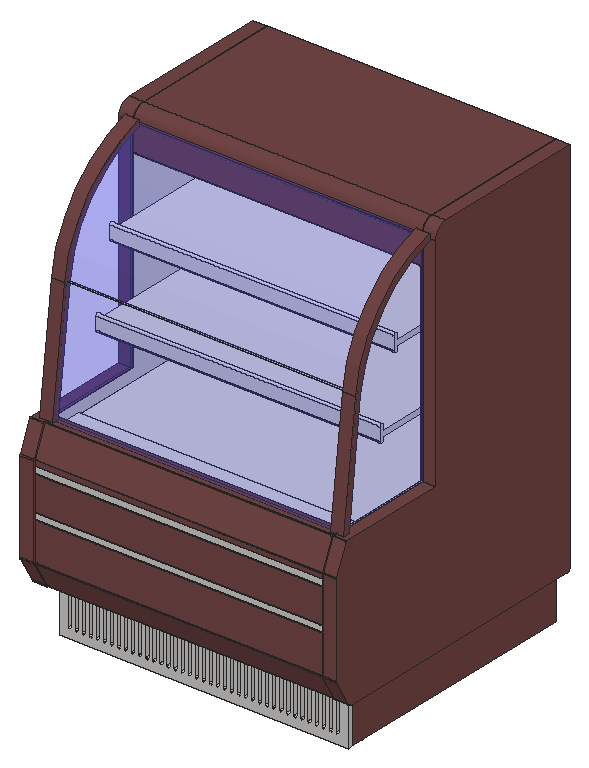
Revit family "QF_Turbo Air_TCGB-36-DR", category Specialty Equipment, Revit 2014
Parameters
  Weight in Pounds = 336
  Watermarked By = ""
  Volts = 115 V
  Vent Material = QF_Stainless-Polished
  URL Cutsheet = ""
  URL = "www.turboairinc.com"
  Status [instance] = ""
  Specification by User [instance] = ""
  Specification by Manufacturer [instance] = ""
  Serial Number [instance] = ""
  Revision Code [instance] = ""
  Phase = 1
  Number of Poles [instance] = 1
  NAFEM Spec ID Number [instance] = ""
  Model = "TCGB-36-DR"
  Masterspec [instance] = ""
  Manufacturer = "Turbo Air"  # constant formula
  Item Number [instance] = "-"
  Installed By [instance] = ""
  Furnished By [instance] = ""
  Foodservice Equipment Identifier = yes
  FL Amps = 0.4 A
  Exterior Material = QF_Plastic-Red Wine
  Electrical Remarks [instance] = ""
  Electric Connection Type [instance] = ""
  Elec Conn RI Height [instance] = 0' - 0"
  Elec Conn Connection Height = 0' - 6"
  Description = "Bakery Case"
  Cycle = 60 Hz
  Conn Plug = "NEMA 5-15P"
  CSI MasterFormat = "11 41 13"
  Assembly Code = "E1090320"
  Apparent Power = if(Phase = 3, Volts * FL Amps * 1.73, Volts * FL Amps)  # 46 VA
Reference planes (in)
  plane 1 "Handle Back": y = 0
  plane 2: z = 0
  plane 3 "LEFT": x = -16.56573
  plane 4 "RIGHT": x = 19.93427
  plane 5 "FRONT": y = -34.25
  plane 6 "Bottom": z = 0.3125
  plane 7 "Inside Left": x = -14.94073
  plane 8 "Inside Right": x = 18.30927
  plane 9 "BACK": y = -0.75
  plane 10 "Panel Lower": z = 23.25
  plane 11 "Inside Bottom": z = 21.125
  plane 12 "Panel Bottom": z = 6.0625
  plane 13 "TOP": z = 50.125
  plane 14 "Bottom Front": y = -30
  plane 15 "Door Left": x = -13.62823
  plane 16 "Door Right": x = 16.99677
  plane 17 "Lower Shelf": z = 30.6875
  plane 18 "Upper Shelf": z = 39.1875
  plane 19 "Door Top": z = 46.5625
  plane 20 "Door Bottom": z = 22.3125
  plane 21 "CENTER LR": x = 1.68427
Forms (in)
  Extrusion 1, solid, material "QF_Plastic-Red Wine" <- "Exterior Material"
    sketch origin (-16.56573, 0, 0) x (0, 1, 0) y (0, 0, 1)
      loop
        arc (-1.125, 6.0625) -> (-0.85983, 6.17233) -> (-0.75, 6.4375) r 0.375
        line (-0.75, 6.4375) -> (-0.75, 50.125) -> (-18.5, 50.125)
        arc (-18.5, 50.125) -> (-19.56066, 49.68566) -> (-20, 48.625) r 1.5
        line (-20, 48.625) -> (-20, 23.25) -> (-32.77179, 23.25)
        arc (-32.77179, 23.25) -> (-32.8059, 23.23987) -> (-32.82896, 23.21277) r 0.0625
        line (-32.82896, 23.21277) -> (-34.21799, 20.07001)
        arc (-34.21799, 20.07001) -> (-34.24191, 19.99589) -> (-34.25, 19.91842) r 0.375
        line (-34.25, 19.91842) -> (-34.25, 9.41058)
        arc (-34.25, 9.41058) -> (-34.23722, 9.31352) -> (-34.19976, 9.22308) r 0.375
        line (-34.19976, 9.22308) -> (-32.48325, 6.25)
        arc (-32.48325, 6.25) -> (-32.34599, 6.11274) -> (-32.15849, 6.0625) r 0.375
        line (-32.15849, 6.0625) -> (-1.125, 6.0625)
    from 0 to 1.625
  Extrusion 2, solid, material "QF_Plastic-Red Wine" <- "Exterior Material"
    sketch origin (19.93427, 0, 0) x (0, 1, 0) y (0, 0, 1)
      loop
        arc (-1.125, 6.0625) -> (-0.85983, 6.17233) -> (-0.75, 6.4375) r 0.375
        line (-0.75, 6.4375) -> (-0.75, 50.125) -> (-18.5, 50.125)
        arc (-18.5, 50.125) -> (-19.56066, 49.68566) -> (-20, 48.625) r 1.5
        line (-20, 48.625) -> (-20, 23.25) -> (-32.77179, 23.25)
        arc (-32.77179, 23.25) -> (-32.8059, 23.23987) -> (-32.82896, 23.21277) r 0.0625
        line (-32.82896, 23.21277) -> (-34.21799, 20.07001)
        arc (-34.21799, 20.07001) -> (-34.24191, 19.99589) -> (-34.25, 19.91842) r 0.375
        line (-34.25, 19.91842) -> (-34.25, 9.41058)
        arc (-34.25, 9.41058) -> (-34.23722, 9.31352) -> (-34.19976, 9.22308) r 0.375
        line (-34.19976, 9.22308) -> (-32.48325, 6.25)
        arc (-32.48325, 6.25) -> (-32.34599, 6.11274) -> (-32.15849, 6.0625) r 0.375
        line (-32.15849, 6.0625) -> (-1.125, 6.0625)
    from 0 to -1.625
  Extrusion 3, solid, material "QF_Plastic-Red Wine" <- "Exterior Material"
    sketch origin (-14.94073, 0, 0) x (0, 1, 0) y (0, 0, 1)
      loop
        line (-31.625, 23.25) -> (-29.95691, 36.83548)
        arc (-29.95691, 36.83548) -> (-26.72363, 44.11107) -> (-20, 48.375) r 13.75
        line (-20, 48.375) -> (-20, 48.625)
        arc (-20, 48.625) -> (-19.97988, 48.86988) -> (-19.92004, 49.10819) r 1.5
        arc (-19.92004, 49.10819) -> (-27.15455, 44.66306) -> (-30.63919, 36.92003) r 14.4375
        line (-30.63919, 36.92003) -> (-32.31766, 23.25) -> (-31.625, 23.25)
    from -0.875 to 0.625
  Extrusion 4, solid, material "QF_Plastic-Red Wine" <- "Exterior Material"
    sketch origin (18.30927, 0, 0) x (0, 1, 0) y (0, 0, 1)
      loop
        line (-31.625, 23.25) -> (-29.95691, 36.83548)
        arc (-29.95691, 36.83548) -> (-26.72363, 44.11107) -> (-20, 48.375) r 13.75
        line (-20, 48.375) -> (-20, 48.625)
        arc (-20, 48.625) -> (-19.97988, 48.86988) -> (-19.92004, 49.10819) r 1.5
        arc (-19.92004, 49.10819) -> (-27.15455, 44.66306) -> (-30.63919, 36.92003) r 14.4375
        line (-30.63919, 36.92003) -> (-32.31766, 23.25) -> (-31.625, 23.25)
    from 0.875 to -0.625
  Extrusion 5, solid, material "QF_Glass-Cast-Clear"
    sketch origin (-14.94073, 0, 0) x (0, 1, 0) y (0, 0, 1)
      loop
        arc (-20, 48.375) -> (-26.72363, 44.11107) -> (-29.95691, 36.83548) r 13.75
        line (-29.95691, 36.83548) -> (-31.625, 23.25) -> (-20, 23.25) -> (-20, 48.375)
    from 0 to -0.25
  Extrusion 6, solid, material "QF_Glass-Cast-Clear"
    sketch origin (18.30927, 0, 0) x (0, 1, 0) y (0, 0, 1)
      loop
        arc (-20, 48.375) -> (-26.72363, 44.11107) -> (-29.95691, 36.83548) r 13.75
        line (-29.95691, 36.83548) -> (-31.625, 23.25) -> (-20, 23.25) -> (-20, 48.375)
    from 0 to 0.25
  Extrusion 7, solid, material "QF_Plastic-Red Wine" <- "Exterior Material"
    sketch origin (-14.94073, 0, 0) x (0, 1, 0) y (0, 0, 1)
      loop
        line (-0.75, 50.125) -> (-18.5, 50.125)
        arc (-18.5, 50.125) -> (-19.56066, 49.68566) -> (-20, 48.625) r 1.5
        line (-20, 48.625) -> (-20, 45.5)
        arc (-20, 45.5) -> (-19.9375, 45.4375) -> (-19.875, 45.5) r 0.0625
        line (-19.875, 45.5) -> (-19.875, 48.625)
        arc (-19.875, 48.625) -> (-19.81819, 49.01616) -> (-19.65244, 49.375) r 1.375
        line (-19.65244, 49.375) -> (-3.125, 49.375) -> (-3.125, 46.5625) -> (-0.75, 46.5625) -> (-0.75, 50.125)
      loop
        line (-0.75, 14.3125) -> (-0.75, 22.3125) -> (-3.125, 22.3125) -> (-3.125, 14.3125) -> (-0.75, 14.3125)
    from 0 to 33.25
  Extrusion 8, solid, material "QF_Plastic-Red Wine" <- "Exterior Material"
    sketch origin (0, 0, 0.3125) x (0, 1, 0) y (-1, 0, 0)
      loop
        line (-0.75, 14.94073) -> (-30, 14.94073) -> (-30, -18.30927) -> (-0.75, -18.30927) -> (-0.75, 14.94073)
      loop
        line (-29.75, 14.69073) -> (-29.75, -18.05927) -> (-1, -18.05927) -> (-1, 14.69073) -> (-29.75, 14.69073)
    from 0 to 14
  Extrusion 9, solid, material "QF_Plastic-Red Wine" <- "Exterior Material"
    sketch origin (0, 0, 0.3125) x (0, 1, 0) y (-1, 0, 0)
      loop
        line (-29.75, -18.05927) -> (-1, -18.05927) -> (-1, 14.69073) -> (-29.75, 14.69073) -> (-29.75, -18.05927)
    from 0 to 0.25
  Extrusion 10, solid, material "QF_Stainless-Polished" <- "Vent Material"
    sketch origin (0, -30, 0) x (1, 0, 0) y (0, 0, 1)
      loop
        line (-14.94073, 6.1875) -> (-14.94073, 0.3125) -> (18.30927, 0.3125) -> (18.30927, 6.1875) -> (-14.94073, 6.1875)
    from 0 to 0.5625
  Extrusion 11, void
    sketch origin (0, -30, 0) x (1, 0, 0) y (0, 0, 1)
      loop
        arc (-13.94073, 1.5625) -> (-13.75323, 1.375) -> (-13.56573, 1.5625) r 0.1875
        line (-13.56573, 1.5625) -> (-13.56573, 5.125)
        arc (-13.56573, 5.125) -> (-13.75323, 5.3125) -> (-13.94073, 5.125) r 0.1875
        line (-13.94073, 5.125) -> (-13.94073, 1.5625)
      loop
        arc (-13.12823, 1.5625) -> (-12.94073, 1.375) -> (-12.75323, 1.5625) r 0.1875
        line (-12.75323, 1.5625) -> (-12.75323, 5.125)
        arc (-12.75323, 5.125) -> (-12.94073, 5.3125) -> (-13.12823, 5.125) r 0.1875
        line (-13.12823, 5.125) -> (-13.12823, 1.5625)
      loop
        arc (-12.31573, 1.5625) -> (-12.12823, 1.375) -> (-11.94073, 1.5625) r 0.1875
        line (-11.94073, 1.5625) -> (-11.94073, 5.125)
        arc (-11.94073, 5.125) -> (-12.12823, 5.3125) -> (-12.31573, 5.125) r 0.1875
        line (-12.31573, 5.125) -> (-12.31573, 1.5625)
      loop
        arc (-11.50323, 1.5625) -> (-11.31573, 1.375) -> (-11.12823, 1.5625) r 0.1875
        line (-11.12823, 1.5625) -> (-11.12823, 5.125)
        arc (-11.12823, 5.125) -> (-11.31573, 5.3125) -> (-11.50323, 5.125) r 0.1875
        line (-11.50323, 5.125) -> (-11.50323, 1.5625)
      loop
        arc (-10.69073, 1.5625) -> (-10.50323, 1.375) -> (-10.31573, 1.5625) r 0.1875
        line (-10.31573, 1.5625) -> (-10.31573, 5.125)
        arc (-10.31573, 5.125) -> (-10.50323, 5.3125) -> (-10.69073, 5.125) r 0.1875
        line (-10.69073, 5.125) -> (-10.69073, 1.5625)
      loop
        arc (-9.87823, 1.5625) -> (-9.69073, 1.375) -> (-9.50323, 1.5625) r 0.1875
        line (-9.50323, 1.5625) -> (-9.50323, 5.125)
        arc (-9.50323, 5.125) -> (-9.69073, 5.3125) -> (-9.87823, 5.125) r 0.1875
        line (-9.87823, 5.125) -> (-9.87823, 1.5625)
      loop
        arc (-9.06573, 1.5625) -> (-8.87823, 1.375) -> (-8.69073, 1.5625) r 0.1875
        line (-8.69073, 1.5625) -> (-8.69073, 5.125)
        arc (-8.69073, 5.125) -> (-8.87823, 5.3125) -> (-9.06573, 5.125) r 0.1875
        line (-9.06573, 5.125) -> (-9.06573, 1.5625)
      loop
        arc (-8.25323, 1.5625) -> (-8.06573, 1.375) -> (-7.87823, 1.5625) r 0.1875
        line (-7.87823, 1.5625) -> (-7.87823, 5.125)
        arc (-7.87823, 5.125) -> (-8.06573, 5.3125) -> (-8.25323, 5.125) r 0.1875
        line (-8.25323, 5.125) -> (-8.25323, 1.5625)
      loop
        arc (-7.44073, 1.5625) -> (-7.25323, 1.375) -> (-7.06573, 1.5625) r 0.1875
        line (-7.06573, 1.5625) -> (-7.06573, 5.125)
        arc (-7.06573, 5.125) -> (-7.25323, 5.3125) -> (-7.44073, 5.125) r 0.1875
        line (-7.44073, 5.125) -> (-7.44073, 1.5625)
      loop
        arc (-6.62823, 1.5625) -> (-6.44073, 1.375) -> (-6.25323, 1.5625) r 0.1875
        line (-6.25323, 1.5625) -> (-6.25323, 5.125)
        arc (-6.25323, 5.125) -> (-6.44073, 5.3125) -> (-6.62823, 5.125) r 0.1875
        line (-6.62823, 5.125) -> (-6.62823, 1.5625)
      loop
        arc (-5.81573, 1.5625) -> (-5.62823, 1.375) -> (-5.44073, 1.5625) r 0.1875
        line (-5.44073, 1.5625) -> (-5.44073, 5.125)
        arc (-5.44073, 5.125) -> (-5.62823, 5.3125) -> (-5.81573, 5.125) r 0.1875
        line (-5.81573, 5.125) -> (-5.81573, 1.5625)
      loop
        arc (-5.00323, 1.5625) -> (-4.81573, 1.375) -> (-4.62823, 1.5625) r 0.1875
        line (-4.62823, 1.5625) -> (-4.62823, 5.125)
        arc (-4.62823, 5.125) -> (-4.81573, 5.3125) -> (-5.00323, 5.125) r 0.1875
        line (-5.00323, 5.125) -> (-5.00323, 1.5625)
      loop
        arc (-4.19073, 1.5625) -> (-4.00323, 1.375) -> (-3.81573, 1.5625) r 0.1875
        line (-3.81573, 1.5625) -> (-3.81573, 5.125)
        arc (-3.81573, 5.125) -> (-4.00323, 5.3125) -> (-4.19073, 5.125) r 0.1875
        line (-4.19073, 5.125) -> (-4.19073, 1.5625)
      loop
        arc (-3.37823, 1.5625) -> (-3.19073, 1.375) -> (-3.00323, 1.5625) r 0.1875
        line (-3.00323, 1.5625) -> (-3.00323, 5.125)
        arc (-3.00323, 5.125) -> (-3.19073, 5.3125) -> (-3.37823, 5.125) r 0.1875
        line (-3.37823, 5.125) -> (-3.37823, 1.5625)
      loop
        arc (-2.56573, 1.5625) -> (-2.37823, 1.375) -> (-2.19073, 1.5625) r 0.1875
        line (-2.19073, 1.5625) -> (-2.19073, 5.125)
        arc (-2.19073, 5.125) -> (-2.37823, 5.3125) -> (-2.56573, 5.125) r 0.1875
        line (-2.56573, 5.125) -> (-2.56573, 1.5625)
      loop
        arc (-1.75323, 1.5625) -> (-1.56573, 1.375) -> (-1.37823, 1.5625) r 0.1875
        line (-1.37823, 1.5625) -> (-1.37823, 5.125)
        arc (-1.37823, 5.125) -> (-1.56573, 5.3125) -> (-1.75323, 5.125) r 0.1875
        line (-1.75323, 5.125) -> (-1.75323, 1.5625)
      loop
        arc (-0.94073, 1.5625) -> (-0.75323, 1.375) -> (-0.56573, 1.5625) r 0.1875
        line (-0.56573, 1.5625) -> (-0.56573, 5.125)
        arc (-0.56573, 5.125) -> (-0.75323, 5.3125) -> (-0.94073, 5.125) r 0.1875
        line (-0.94073, 5.125) -> (-0.94073, 1.5625)
      loop
        arc (-0.12823, 1.5625) -> (0.05927, 1.375) -> (0.24677, 1.5625) r 0.1875
        line (0.24677, 1.5625) -> (0.24677, 5.125)
        arc (0.24677, 5.125) -> (0.05927, 5.3125) -> (-0.12823, 5.125) r 0.1875
        line (-0.12823, 5.125) -> (-0.12823, 1.5625)
      loop
        arc (0.68427, 1.5625) -> (0.87177, 1.375) -> (1.05927, 1.5625) r 0.1875
        line (1.05927, 1.5625) -> (1.05927, 5.125)
        arc (1.05927, 5.125) -> (0.87177, 5.3125) -> (0.68427, 5.125) r 0.1875
        line (0.68427, 5.125) -> (0.68427, 1.5625)
      loop
        arc (1.49677, 1.5625) -> (1.68427, 1.375) -> (1.87177, 1.5625) r 0.1875
        line (1.87177, 1.5625) -> (1.87177, 5.125)
        arc (1.87177, 5.125) -> (1.68427, 5.3125) -> (1.49677, 5.125) r 0.1875
        line (1.49677, 5.125) -> (1.49677, 1.5625)
      loop
        arc (2.30927, 1.5625) -> (2.49677, 1.375) -> (2.68427, 1.5625) r 0.1875
        line (2.68427, 1.5625) -> (2.68427, 5.125)
        arc (2.68427, 5.125) -> (2.49677, 5.3125) -> (2.30927, 5.125) r 0.1875
        line (2.30927, 5.125) -> (2.30927, 1.5625)
      loop
        arc (3.12177, 1.5625) -> (3.30927, 1.375) -> (3.49677, 1.5625) r 0.1875
        line (3.49677, 1.5625) -> (3.49677, 5.125)
        arc (3.49677, 5.125) -> (3.30927, 5.3125) -> (3.12177, 5.125) r 0.1875
        line (3.12177, 5.125) -> (3.12177, 1.5625)
      loop
        arc (3.93427, 1.5625) -> (4.12177, 1.375) -> (4.30927, 1.5625) r 0.1875
        line (4.30927, 1.5625) -> (4.30927, 5.125)
        arc (4.30927, 5.125) -> (4.12177, 5.3125) -> (3.93427, 5.125) r 0.1875
        line (3.93427, 5.125) -> (3.93427, 1.5625)
      loop
        arc (4.74677, 1.5625) -> (4.93427, 1.375) -> (5.12177, 1.5625) r 0.1875
        line (5.12177, 1.5625) -> (5.12177, 5.125)
        arc (5.12177, 5.125) -> (4.93427, 5.3125) -> (4.74677, 5.125) r 0.1875
        line (4.74677, 5.125) -> (4.74677, 1.5625)
      loop
        arc (5.55927, 1.5625) -> (5.74677, 1.375) -> (5.93427, 1.5625) r 0.1875
        line (5.93427, 1.5625) -> (5.93427, 5.125)
        arc (5.93427, 5.125) -> (5.74677, 5.3125) -> (5.55927, 5.125) r 0.1875
        line (5.55927, 5.125) -> (5.55927, 1.5625)
      loop
        arc (6.37177, 1.5625) -> (6.55927, 1.375) -> (6.74677, 1.5625) r 0.1875
        line (6.74677, 1.5625) -> (6.74677, 5.125)
        arc (6.74677, 5.125) -> (6.55927, 5.3125) -> (6.37177, 5.125) r 0.1875
        line (6.37177, 5.125) -> (6.37177, 1.5625)
      loop
        arc (7.18427, 1.5625) -> (7.37177, 1.375) -> (7.55927, 1.5625) r 0.1875
        line (7.55927, 1.5625) -> (7.55927, 5.125)
        arc (7.55927, 5.125) -> (7.37177, 5.3125) -> (7.18427, 5.125) r 0.1875
        line (7.18427, 5.125) -> (7.18427, 1.5625)
      loop
        arc (7.99677, 1.5625) -> (8.18427, 1.375) -> (8.37177, 1.5625) r 0.1875
        line (8.37177, 1.5625) -> (8.37177, 5.125)
        arc (8.37177, 5.125) -> (8.18427, 5.3125) -> (7.99677, 5.125) r 0.1875
        line (7.99677, 5.125) -> (7.99677, 1.5625)
      loop
        arc (8.80927, 1.5625) -> (8.99677, 1.375) -> (9.18427, 1.5625) r 0.1875
        line (9.18427, 1.5625) -> (9.18427, 5.125)
        arc (9.18427, 5.125) -> (8.99677, 5.3125) -> (8.80927, 5.125) r 0.1875
        line (8.80927, 5.125) -> (8.80927, 1.5625)
      loop
        arc (9.62177, 1.5625) -> (9.80927, 1.375) -> (9.99677, 1.5625) r 0.1875
        line (9.99677, 1.5625) -> (9.99677, 5.125)
        arc (9.99677, 5.125) -> (9.80927, 5.3125) -> (9.62177, 5.125) r 0.1875
        line (9.62177, 5.125) -> (9.62177, 1.5625)
      loop
        arc (10.43427, 1.5625) -> (10.62177, 1.375) -> (10.80927, 1.5625) r 0.1875
        line (10.80927, 1.5625) -> (10.80927, 5.125)
        arc (10.80927, 5.125) -> (10.62177, 5.3125) -> (10.43427, 5.125) r 0.1875
        line (10.43427, 5.125) -> (10.43427, 1.5625)
      loop
        arc (11.24677, 1.5625) -> (11.43427, 1.375) -> (11.62177, 1.5625) r 0.1875
        line (11.62177, 1.5625) -> (11.62177, 5.125)
        arc (11.62177, 5.125) -> (11.43427, 5.3125) -> (11.24677, 5.125) r 0.1875
        line (11.24677, 5.125) -> (11.24677, 1.5625)
      loop
        arc (12.05927, 1.5625) -> (12.24677, 1.375) -> (12.43427, 1.5625) r 0.1875
        line (12.43427, 1.5625) -> (12.43427, 5.125)
        arc (12.43427, 5.125) -> (12.24677, 5.3125) -> (12.05927, 5.125) r 0.1875
        line (12.05927, 5.125) -> (12.05927, 1.5625)
      loop
        arc (12.87177, 1.5625) -> (13.05927, 1.375) -> (13.24677, 1.5625) r 0.1875
        line (13.24677, 1.5625) -> (13.24677, 5.125)
        arc (13.24677, 5.125) -> (13.05927, 5.3125) -> (12.87177, 5.125) r 0.1875
        line (12.87177, 5.125) -> (12.87177, 1.5625)
      loop
        arc (13.68427, 1.5625) -> (13.87177, 1.375) -> (14.05927, 1.5625) r 0.1875
        line (14.05927, 1.5625) -> (14.05927, 5.125)
        arc (14.05927, 5.125) -> (13.87177, 5.3125) -> (13.68427, 5.125) r 0.1875
        line (13.68427, 5.125) -> (13.68427, 1.5625)
      loop
        arc (14.49677, 1.5625) -> (14.68427, 1.375) -> (14.87177, 1.5625) r 0.1875
        line (14.87177, 1.5625) -> (14.87177, 5.125)
        arc (14.87177, 5.125) -> (14.68427, 5.3125) -> (14.49677, 5.125) r 0.1875
        line (14.49677, 5.125) -> (14.49677, 1.5625)
      loop
        arc (15.30927, 1.5625) -> (15.49677, 1.375) -> (15.68427, 1.5625) r 0.1875
        line (15.68427, 1.5625) -> (15.68427, 5.125)
        arc (15.68427, 5.125) -> (15.49677, 5.3125) -> (15.30927, 5.125) r 0.1875
        line (15.30927, 5.125) -> (15.30927, 1.5625)
      loop
        arc (16.12177, 1.5625) -> (16.30927, 1.375) -> (16.49677, 1.5625) r 0.1875
        line (16.49677, 1.5625) -> (16.49677, 5.125)
        arc (16.49677, 5.125) -> (16.30927, 5.3125) -> (16.12177, 5.125) r 0.1875
        line (16.12177, 5.125) -> (16.12177, 1.5625)
      loop
        arc (16.93427, 1.5625) -> (17.12177, 1.375) -> (17.30927, 1.5625) r 0.1875
        line (17.30927, 1.5625) -> (17.30927, 5.125)
        arc (17.30927, 5.125) -> (17.12177, 5.3125) -> (16.93427, 5.125) r 0.1875
        line (16.93427, 5.125) -> (16.93427, 1.5625)
    from -0.25 to 0.5625
  Extrusion 12, solid, material "QF_Plastic-Red Wine" <- "Exterior Material"
    sketch origin (-14.94073, 0, 0) x (0, 1, 0) y (0, 0, 1)
      loop
        line (-0.75, 46.5625) -> (-3.125, 46.5625) -> (-3.125, 22.3125) -> (-0.75, 22.3125) -> (-0.75, 46.5625)
    from 0 to 1.3125
  Extrusion 13, solid, material "QF_Plastic-Red Wine" <- "Exterior Material"
    sketch origin (18.30927, 0, 0) x (0, 1, 0) y (0, 0, 1)
      loop
        line (-0.75, 46.5625) -> (-3.125, 46.5625) -> (-3.125, 22.3125) -> (-0.75, 22.3125) -> (-0.75, 46.5625)
    from 0 to -1.3125
  Extrusion 14, solid, material "QF_Glass-Cast-Clear"
    sketch origin (-14.94073, 0, 0) x (0, 1, 0) y (0, 0, 1)
      loop
        arc (-30.01894, 36.84316) -> (-26.76529, 44.15845) -> (-20, 48.43986) r 13.8125
        line (-20, 48.43986) -> (-20, 48.625)
        arc (-20, 48.625) -> (-19.99639, 48.72898) -> (-19.98558, 48.83246) r 1.5
        arc (-19.98558, 48.83246) -> (-27.01031, 44.44827) -> (-30.39109, 36.88929) r 14.1875
        line (-30.39109, 36.88929) -> (-32.06579, 23.25) -> (-31.68797, 23.25) -> (-30.01894, 36.84316)
    from 0.625 to 32.625
  Extrusion 15, solid, material "QF_Plastic-Red Wine" <- "Exterior Material"
    sketch origin (-14.94073, 0, 0) x (0, 1, 0) y (0, 0, 1)
      loop
        line (-32.77708, 23.17553) -> (-34.17683, 20.00854)
        arc (-34.17683, 20.00854) -> (-34.1848, 19.98383) -> (-34.1875, 19.95801) r 0.125
        line (-34.1875, 19.95801) -> (-34.1875, 19.4219) -> (-33.8125, 19.4219) -> (-33.8125, 19.90522) -> (-32.49992, 22.875) -> (-31.20917, 22.875) -> (-31.20917, 23.25) -> (-32.66275, 23.25)
        arc (-32.66275, 23.25) -> (-32.73097, 23.22974) -> (-32.77708, 23.17553) r 0.125
      loop
        line (-34.17075, 9.29784) -> (-32.41108, 6.25)
        arc (-32.41108, 6.25) -> (-32.36533, 6.20425) -> (-32.30283, 6.1875) r 0.125
        line (-32.30283, 6.1875) -> (-30, 6.1875) -> (-30, 6.5625) -> (-32.15849, 6.5625) -> (-33.8125, 9.42732) -> (-33.8125, 13.8594) -> (-34.1875, 13.8594) -> (-34.1875, 9.36034)
        arc (-34.1875, 9.36034) -> (-34.18324, 9.32798) -> (-34.17075, 9.29784) r 0.125
      loop
        line (-34.1875, 18.6094) -> (-34.1875, 14.6094) -> (-33.8125, 14.6094) -> (-33.8125, 18.6094) -> (-34.1875, 18.6094)
    from 0 to 33.25
  Extrusion 16, solid, material "QF_Stainless-Polished"
    sketch origin (-14.94073, 0, 0) x (0, 1, 0) y (0, 0, 1)
      loop
        line (-34.1875, 19.3594) -> (-34.1875, 18.6719) -> (-33.8125, 18.6719) -> (-33.8125, 19.3594) -> (-34.1875, 19.3594)
      loop
        line (-34.1875, 14.5469) -> (-34.1875, 13.9219) -> (-33.8125, 13.9219) -> (-33.8125, 14.5469) -> (-34.1875, 14.5469)
    from 0 to 33.25
  Extrusion 17, solid, material "QF_Plastic-Opaque-White"
    sketch origin (-14.94073, 0, 0) x (0, 1, 0) y (0, 0, 1)
      loop
        line (-3.125, 21.125) -> (-28.125, 21.125) -> (-28.125, 22.25) -> (-31.20917, 22.25) -> (-31.20917, 22.875) -> (-32.49992, 22.875) -> (-33.8125, 19.90522) -> (-33.8125, 9.42732) -> (-32.15849, 6.5625) -> (-30, 6.5625) -> (-30, 14.3125) -> (-3.125, 14.3125) -> (-3.125, 21.125)
    from 0 to 33.25
  Extrusion 18, solid, material "QF_Plastic-Opaque-White"
    sketch origin (-14.94073, 0, 0) x (0, 1, 0) y (0, 0, 1)
      loop
        line (-3.125, 21.125) -> (-3.125, 49.375) -> (-5.875, 49.375) -> (-5.875, 21.125) -> (-3.125, 21.125)
    from 0 to 1.3125
  Extrusion 19, solid, material "QF_Plastic-Opaque-White"
    sketch origin (18.30927, 0, 0) x (0, 1, 0) y (0, 0, 1)
      loop
        line (-3.125, 21.125) -> (-3.125, 49.375) -> (-5.875, 49.375) -> (-5.875, 21.125) -> (-3.125, 21.125)
    from 0 to -1.3125
  Extrusion 20, solid, material "QF_Plastic-Opaque-White"
    sketch origin (-13.62823, 0, 0) x (0, 1, 0) y (0, 0, 1)
      loop
        line (-5.875, 49.375) -> (-5.875, 46.5625) -> (-3.125, 46.5625) -> (-3.125, 49.375) -> (-5.875, 49.375)
      loop
        line (-5.875, 21.125) -> (-3.125, 21.125) -> (-3.125, 22.3125) -> (-5.875, 22.3125) -> (-5.875, 21.125)
    from 0 to 30.625
  Extrusion 21, solid, material "QF_Plastic-Opaque-White"
    sketch origin (-14.94073, 0, 0) x (0, 1, 0) y (0, 0, 1)
      loop
        line (-5.875, 49.375) -> (-19.65244, 49.375)
        arc (-19.65244, 49.375) -> (-19.81819, 49.01616) -> (-19.875, 48.625) r 1.375
        line (-19.875, 48.625) -> (-19.875, 48.375) -> (-18.375, 48.375) -> (-18.375, 47.375) -> (-5.875, 47.375) -> (-5.875, 49.375)
    from 0 to 33.25
  Extrusion 22, solid, material "QF_Plastic-Opaque-White"
    sketch origin (-14.94073, 0, 0) x (0, 1, 0) y (0, 0, 1)
      loop
        line (-20, 45.5) -> (-20, 23.25) -> (-31.20917, 23.25) -> (-31.20917, 22.25) -> (-28.125, 22.25) -> (-28.125, 21.125) -> (-28.0625, 21.125) -> (-28.0625, 21.9375) -> (-7.5, 21.9375) -> (-7.5, 21.125) -> (-7.4375, 21.125) -> (-7.4375, 21.9375) -> (-5.9375, 21.9375) -> (-5.9375, 21.125) -> (-5.875, 21.125) -> (-5.875, 47.375) -> (-18.375, 47.375) -> (-18.375, 48.375) -> (-19.875, 48.375) -> (-19.875, 45.5)
        arc (-19.875, 45.5) -> (-19.9375, 45.4375) -> (-20, 45.5) r 0.0625
    from 0 to 0.0625
  Extrusion 23, solid, material "QF_Plastic-Opaque-White"
    sketch origin (18.30927, 0, 0) x (0, 1, 0) y (0, 0, 1)
      loop
        line (-20, 45.5) -> (-20, 23.25) -> (-31.20917, 23.25) -> (-31.20917, 22.25) -> (-28.125, 22.25) -> (-28.125, 21.125) -> (-28.0625, 21.125) -> (-28.0625, 21.9375) -> (-7.5, 21.9375) -> (-7.5, 21.125) -> (-7.4375, 21.125) -> (-7.4375, 21.9375) -> (-5.9375, 21.9375) -> (-5.9375, 21.125) -> (-5.875, 21.125) -> (-5.875, 47.375) -> (-18.375, 47.375) -> (-18.375, 48.375) -> (-19.875, 48.375) -> (-19.875, 45.5)
        arc (-19.875, 45.5) -> (-19.9375, 45.4375) -> (-20, 45.5) r 0.0625
    from 0 to -0.0625
  Extrusion 24, solid, material "QF_Plastic-Opaque-White"
    sketch origin (-14.94073, 0, 0) x (0, 1, 0) y (0, 0, 1)
      loop
        line (-5.9375, 21.125) -> (-5.9375, 21.9375) -> (-7.4375, 21.9375) -> (-7.4375, 21.125) -> (-5.9375, 21.125)
      loop
        line (-7.5, 21.9375) -> (-28.0625, 21.9375) -> (-28.0625, 21.125) -> (-7.5, 21.125) -> (-7.5, 21.9375)
    from 0 to 33.25
  Extrusion 25, solid, material "QF_Plastic-Opaque-White"
    sketch origin (-14.94073, 0, 0) x (0, 1, 0) y (0, 0, 1)
      loop
        line (-5.875, 30.6875) -> (-25.25, 30.6875) -> (-25.25, 31.25)
        arc (-25.25, 31.25) -> (-25.4375, 31.4375) -> (-25.625, 31.25) r 0.1875
        line (-25.625, 31.25) -> (-25.625, 29.6875)
        arc (-25.625, 29.6875) -> (-25.4375, 29.5) -> (-25.25, 29.6875) r 0.1875
        line (-25.25, 29.6875) -> (-25.25, 30.0625) -> (-5.875, 30.0625) -> (-5.875, 30.6875)
      loop
        line (-5.875, 39.1875) -> (-23.25, 39.1875) -> (-23.25, 39.75)
        arc (-23.25, 39.75) -> (-23.4375, 39.9375) -> (-23.625, 39.75) r 0.1875
        line (-23.625, 39.75) -> (-23.625, 38.1875)
        arc (-23.625, 38.1875) -> (-23.4375, 38) -> (-23.25, 38.1875) r 0.1875
        line (-23.25, 38.1875) -> (-23.25, 38.5625) -> (-5.875, 38.5625) -> (-5.875, 39.1875)
    from 0.25 to 33
  Extrusion 26, solid, material "QF_Plastic-Black-Fine Textured"
    sketch origin (0, -0.75, 0) x (1, 0, 0) y (0, 0, 1)
      loop
        line (-13.62823, 46.5625) -> (-13.62823, 22.3125) -> (2.18427, 22.3125) -> (2.18427, 46.5625) -> (-13.62823, 46.5625)
      loop
        line (1.18427, 45.5625) -> (-12.62823, 45.5625) -> (-12.62823, 23.3125) -> (1.18427, 23.3125) -> (1.18427, 45.5625)
    from 1.1875 to 2.375
  Extrusion 27, solid, material "QF_Glass-Cast-Clear"
    sketch origin (0, -0.75, 0) x (1, 0, 0) y (0, 0, 1)
      loop
        line (-12.62823, 45.5625) -> (-12.62823, 23.3125) -> (1.18427, 23.3125) -> (1.18427, 45.5625) -> (-12.62823, 45.5625)
    from 1.4375 to 2.125
  Extrusion 28, solid, material "QF_Plastic-Black-Fine Textured"
    sketch origin (0, -0.75, 0) x (1, 0, 0) y (0, 0, 1)
      loop
        line (1.18427, 46.5625) -> (1.18427, 22.3125) -> (16.99677, 22.3125) -> (16.99677, 46.5625) -> (1.18427, 46.5625)
      loop
        line (2.18427, 45.5625) -> (2.18427, 23.3125) -> (15.99677, 23.3125) -> (15.99677, 45.5625) -> (2.18427, 45.5625)
    from 0 to 1.1875
  Extrusion 29, solid, material "QF_Glass-Cast-Clear"
    sketch origin (0, -0.75, 0) x (1, 0, 0) y (0, 0, 1)
      loop
        line (2.18427, 45.5625) -> (2.18427, 23.3125) -> (15.99677, 23.3125) -> (15.99677, 45.5625) -> (2.18427, 45.5625)
    from 0.25 to 0.9375
  Extrusion 30, solid, material "QF_Plastic-Black-Fine Textured"
    sketch origin (16.99677, 0, 0) x (0, 1, 0) y (0, 0, 1)
      loop
        line (0, 29.0625) -> (0, 39.8125) -> (-0.75, 40.3125) -> (-0.75, 28.5625) -> (0, 29.0625)
    from -0.75 to -1
  Extrusion 31, solid, material "QF_Plastic-Black-Fine Textured"
    sketch origin (-13.62823, -1.1875, 0) x (0, 1, 0) y (0, 0, 1)
      loop
        line (0, 29.0625) -> (0, 39.8125) -> (-0.75, 40.3125) -> (-0.75, 28.5625) -> (0, 29.0625)
    from 0.75 to 1
  Extrusion 32, solid, material "QF_Plastic-Black-Fine Textured"
    sketch origin (0, 0, 0) x (1, 0, 0) y (0, 1, 0)
      loop
        circle (-14.00323, -2.625) r 0.5625
      loop
        circle (-14.00323, -28.0625) r 0.5625
      loop
        circle (17.37177, -2.625) r 0.5625
      loop
        circle (17.37177, -28.0625) r 0.5625
    from 0 to 0.3125
  Extrusion 33, solid, material "QF_Plastic-Red Wine" <- "Exterior Material"
    sketch origin (0, -0.75, 0) x (1, 0, 0) y (0, 0, 1)
      loop
        circle (1.68427, 6) r 0.25
    from 0 to -0.0625
Cuts and joins
  Extrusion 11 cuts Extrusion 8
  Extrusion 11 cuts Extrusion 10
Lines and regions (in)
  symbolic lines
    curve 1: line (-16.56573, -0.75, 0) -> (19.93427, -0.75, 0)
    curve 2: line (-16.56573, -34.25, 0) -> (-16.56573, -0.75, 0)
    curve 3: line (19.93427, -34.25, 0) -> (-16.56573, -34.25, 0)
    curve 4: line (19.93427, -0.75, 0) -> (19.93427, -34.25, 0)
    curve 5: line (-14.94073, -0.75, 0) -> (-14.94073, -19.92004, 0)
    curve 6: line (-15.81573, -19.92004, 0) -> (-14.31573, -19.92004, 0)
    curve 7: line (-15.81573, -19.92004, 0) -> (-15.81573, -32.31766, 0)
    curve 8: line (-14.31573, -32.31766, 0) -> (-14.31573, -19.92004, 0)
    curve 9: line (-15.81573, -20, 0) -> (-16.56573, -20, 0)
    curve 10: line (-15.81573, -32.31766, 0) -> (-14.31573, -32.31766, 0)
    curve 11: line (-14.94073, -32.31766, 0) -> (-14.94073, -34.25, 0)
    curve 12: line (17.68427, -19.92004, 0) -> (19.18427, -19.92004, 0)
    curve 13: line (17.68427, -19.92004, 0) -> (17.68427, -32.31766, 0)
    curve 14: line (19.18427, -32.31766, 0) -> (19.18427, -19.92004, 0)
    curve 15: line (17.68427, -32.31766, 0) -> (19.18427, -32.31766, 0)
    curve 16: line (18.30927, -32.31766, 0) -> (18.30927, -34.25, 0)
    curve 17: line (18.30927, -19.92004, 0) -> (18.30927, -0.75, 0)
    curve 18: line (15.99677, -0.75, 0) -> (15.99677, 0, 0)
    curve 19: line (15.99677, 0, 0) -> (16.24677, 0, 0)
    curve 20: line (16.24677, 0, 0) -> (16.24677, -0.75, 0)
    curve 21: line (19.18427, -20, 0) -> (19.93427, -20, 0)
    curve 22: line (17.68427, -20, 0) -> (-14.31573, -20, 0)
    curve 23: line (-14.31573, -30.39109, 0) -> (17.68427, -30.39109, 0)
    curve 24: line (17.68427, -32.06579, 0) -> (-14.31573, -32.06579, 0)
Dimensions and locks (in)
  locked: plane 3 "LEFT" to plane 4 "RIGHT" at 36.5
  locked: plane 5 "FRONT" to plane 1 "Handle Back" at 34.25
  locked: plane 6 "Bottom" to plane 2 at 0.3125
  locked: plane 3 "LEFT" to plane 7 "Inside Left" at 1.625
  locked: plane 8 "Inside Right" to plane 4 "RIGHT" at 1.625
  locked: plane 9 "BACK" to plane 1 "Handle Back" at 0.75
  locked: plane 10 "Panel Lower" to level at 23.25
  locked: plane 10 "Panel Lower" to plane 11 "Inside Bottom" at 2.125
  locked: plane 12 "Panel Bottom" to plane 6 "Bottom" at 5.75
  locked: plane 13 "TOP" to level at 50.125
  locked: plane 5 "FRONT" to plane 14 "Bottom Front" at 4.25
  locked: plane 7 "Inside Left" to Extrusion 8 sketch curve at 0.25
  locked: Extrusion 8 sketch curve to plane 8 "Inside Right" at 0.25
  locked: Extrusion 8 sketch curve to plane 14 "Bottom Front" at 0.25
  locked: Extrusion 8 sketch curve to plane 9 "BACK" at 0.25
  locked: plane 7 "Inside Left" to plane 15 "Door Left" at 1.3125
  locked: plane 16 "Door Right" to plane 8 "Inside Right" at 1.3125
  locked: Extrusion 10 sketch curve to plane 12 "Panel Bottom" at 0.125
  locked: plane 17 "Lower Shelf" to plane 11 "Inside Bottom" at 9.5625
  locked: plane 18 "Upper Shelf" to plane 17 "Lower Shelf" at 8.5
  locked: plane 8 "Inside Right" to Extrusion 25 at 0.25
  locked: plane 13 "TOP" to plane 19 "Door Top" at 3.5625
  locked: plane 19 "Door Top" to plane 20 "Door Bottom" at 24.25
  equal spacing: plane 3 "LEFT", plane 21 "CENTER LR", plane 4 "RIGHT"
  locked: Extrusion 26 sketch curve to plane 15 "Door Left" at 1
  locked: plane 19 "Door Top" to Extrusion 26 sketch curve at 1
  Extrusion 26 sketch curve to plane 21 "CENTER LR" to Extrusion 26 sketch curve = 0' - 0 1/2" locked, 0' - 0 1/2" locked
  locked: Extrusion 26 sketch curve to plane 20 "Door Bottom" at 1
  Extrusion 28 sketch curve to plane 21 "CENTER LR" to Extrusion 28 sketch curve = 0' - 0 1/2" locked, 0' - 0 1/2" locked
  locked: plane 19 "Door Top" to Extrusion 28 sketch curve at 1
  locked: Extrusion 28 sketch curve to plane 20 "Door Bottom" at 1
  locked: Extrusion 28 sketch curve to plane 16 "Door Right" at 1
  locked: plane 7 "Inside Left" to Extrusion 32 sketch curve at 0.9375  (x2)
  locked: Extrusion 32 sketch curve to plane 9 "BACK" at 1.875  (x2)
  locked: plane 14 "Bottom Front" to Extrusion 32 sketch curve at 1.9375  (x2)
  locked: Extrusion 32 sketch curve to plane 8 "Inside Right" at 0.9375  (x2)
  locked: Extrusion 33 sketch curve to level at 6
  equal spacing: plane 8 "Inside Right", Extrusion 33 sketch curve, plane 7 "Inside Left"
  aligned and locked: level to plane 2
  aligned and locked: plane 7 "Inside Left" to Extrusion 1
  aligned and locked: Extrusion 2 to plane 8 "Inside Right"
  aligned and locked: plane 8 "Inside Right" to Extrusion 7
  aligned and locked: plane 7 "Inside Left" to Extrusion 8 sketch curve
  aligned and locked: Extrusion 8 sketch curve to plane 8 "Inside Right"
  aligned and locked: plane 9 "BACK" to Extrusion 8 sketch curve
  aligned and locked: Extrusion 8 sketch curve to plane 14 "Bottom Front"
  aligned and locked: plane 7 "Inside Left" to Extrusion 10 sketch curve
  aligned and locked: plane 6 "Bottom" to Extrusion 10 sketch curve
  aligned and locked: plane 15 "Door Left" to Extrusion 12
  aligned and locked: Extrusion 13 to plane 16 "Door Right"
  aligned and locked: plane 8 "Inside Right" to Extrusion 15
  aligned and locked: plane 8 "Inside Right" to Extrusion 16
  aligned and locked: plane 8 "Inside Right" to Extrusion 17
  aligned and locked: plane 15 "Door Left" to Extrusion 18
  aligned and locked: Extrusion 19 to plane 16 "Door Right"
  aligned and locked: plane 16 "Door Right" to Extrusion 20
  aligned and locked: plane 8 "Inside Right" to Extrusion 21
  aligned and locked: plane 8 "Inside Right" to Extrusion 24
  aligned and locked: plane 15 "Door Left" to Extrusion 26 sketch curve
  aligned and locked: Extrusion 26 sketch curve to plane 19 "Door Top"
  aligned and locked: plane 20 "Door Bottom" to Extrusion 26 sketch curve
  aligned and locked: Extrusion 27 sketch curve to Extrusion 26  (x4)
  aligned and locked: Extrusion 28 sketch curve to plane 16 "Door Right"
  aligned and locked: Extrusion 28 sketch curve to plane 19 "Door Top"
  aligned and locked: plane 20 "Door Bottom" to Extrusion 28 sketch curve
  aligned and locked: Extrusion 29 sketch curve to Extrusion 28  (x4)
  aligned and locked: plane 3 "LEFT" to curve 2
  aligned and locked: plane 9 "BACK" to curve 1
  aligned and locked: curve 4 to plane 4 "RIGHT"
  aligned and locked: curve 3 to plane 5 "FRONT"
  aligned and locked: curve 5 to Extrusion 7
  aligned and locked: curve 6 to Extrusion 3
  aligned and locked: curve 7 to Extrusion 3
  aligned and locked: curve 8 to Extrusion 3
  aligned and locked: curve 10 to Extrusion 3
  aligned and locked: curve 12 to Extrusion 4
  aligned and locked: curve 13 to Extrusion 4
  aligned and locked: curve 14 to Extrusion 4
  aligned and locked: curve 15 to Extrusion 4
  aligned and locked: plane 8 "Inside Right" to cut or joined group of Extrusion 10, Extrusion 11
Automatic sketch dimensions
  Extrusion 1 sketch curve to plane 5 "FRONT" = 0' - 0"
  Extrusion 1 sketch curve to plane 10 "Panel Lower" = 0' - 0"
  Extrusion 1 sketch curve to plane 12 "Panel Bottom" = 0' - 0"
  Extrusion 1 sketch curve to plane 13 "TOP" = 0' - 0"
  Extrusion 1 sketch curve to plane 9 "BACK" = 0' - 0"
  Extrusion 1 sketch curve to plane 5 "FRONT" = 0' - 0.03201"
  Extrusion 1 sketch curve to plane 5 "FRONT" = 0' - 0.05024"
  Extrusion 1 sketch curve to Extrusion 1 sketch curve = 0' - 0.32476"  (x2)
  Extrusion 1 sketch curve to plane 5 "FRONT" = 0' - 0 3/8"
  Extrusion 1 sketch curve to plane 10 "Panel Lower" = 0' - 0.03723"
  Extrusion 1 sketch curve to plane 5 "FRONT" = 0' - 1.42104"
  Extrusion 1 sketch curve to Extrusion 1 sketch curve = 0' - 0.05717"
  plane 12 "Panel Bottom" to Extrusion 1 sketch curve = 0' - 0 3/16"
  Extrusion 1 sketch curve to plane 5 "FRONT" = 0' - 1.76675"
  Extrusion 1 sketch curve to plane 13 "TOP" = 0' - 1 1/2"
  Extrusion 1 sketch curve to plane 14 "Bottom Front" = 0' - 10"
  plane 9 "BACK" to Extrusion 1 sketch curve = 0' - 0 3/8"
  plane 12 "Panel Bottom" to Extrusion 1 sketch curve = 0' - 3.16058"
  Extrusion 1 sketch curve to plane 11 "Inside Bottom" = 0' - 1.20658"
  Extrusion 2 sketch curve to plane 5 "FRONT" = 0' - 0"
  Extrusion 2 sketch curve to plane 10 "Panel Lower" = 0' - 0"
  Extrusion 2 sketch curve to plane 12 "Panel Bottom" = 0' - 0"
  Extrusion 2 sketch curve to plane 13 "TOP" = 0' - 0"
  Extrusion 2 sketch curve to plane 9 "BACK" = 0' - 0"
  Extrusion 2 sketch curve to plane 5 "FRONT" = 0' - 0.03201"
  Extrusion 2 sketch curve to plane 5 "FRONT" = 0' - 0.05024"
  Extrusion 2 sketch curve to Extrusion 2 sketch curve = 0' - 0.32476"  (x2)
  Extrusion 2 sketch curve to plane 5 "FRONT" = 0' - 0 3/8"
  Extrusion 2 sketch curve to plane 10 "Panel Lower" = 0' - 0.03723"
  Extrusion 2 sketch curve to plane 5 "FRONT" = 0' - 1.42104"
  Extrusion 2 sketch curve to Extrusion 2 sketch curve = 0' - 0.05717"
  plane 12 "Panel Bottom" to Extrusion 2 sketch curve = 0' - 0 3/16"
  Extrusion 2 sketch curve to plane 5 "FRONT" = 0' - 1.76675"
  Extrusion 2 sketch curve to plane 13 "TOP" = 0' - 1 1/2"
  Extrusion 2 sketch curve to plane 14 "Bottom Front" = 0' - 10"
  plane 9 "BACK" to Extrusion 2 sketch curve = 0' - 0 3/8"
  plane 12 "Panel Bottom" to Extrusion 2 sketch curve = 0' - 3.16058"
  Extrusion 2 sketch curve to plane 11 "Inside Bottom" = 0' - 1.20658"
  Extrusion 3 sketch curve to Extrusion 3 sketch curve = 0' - 0"  (x2)
  Extrusion 3 sketch curve to plane 10 "Panel Lower" = 0' - 0"
  Extrusion 3 sketch curve to plane 5 "FRONT" = 0' - 1.93234"
  Extrusion 3 sketch curve to Extrusion 3 sketch curve = 0' - 0.69266"
  plane 14 "Bottom Front" to Extrusion 3 sketch curve = 0' - 0.63919"
  Extrusion 3 sketch curve to plane 14 "Bottom Front" = 0' - 0.04309"
  Extrusion 3 sketch curve to plane 13 "TOP" = 0' - 1 3/4"
  Extrusion 3 sketch curve to plane 14 "Bottom Front" = 0' - 10"
  Extrusion 3 sketch curve to Extrusion 3 sketch curve = 0' - 1 1/2"
  Extrusion 3 sketch curve to plane 18 "Upper Shelf" = 0' - 4.05903"
  Extrusion 3 sketch curve to Extrusion 3 sketch curve = 0' - 2.18672"
  Extrusion 3 sketch curve to Extrusion 3 sketch curve = 0' - 0.08456"
  Extrusion 3 sketch curve to Extrusion 3 sketch curve = 0' - 0 1/4"
  Extrusion 4 sketch curve to Extrusion 4 sketch curve = 0' - 0"  (x2)
  Extrusion 4 sketch curve to plane 10 "Panel Lower" = 0' - 0"
  Extrusion 4 sketch curve to plane 5 "FRONT" = 0' - 1.93234"
  Extrusion 4 sketch curve to Extrusion 4 sketch curve = 0' - 0.69266"
  plane 14 "Bottom Front" to Extrusion 4 sketch curve = 0' - 0.63919"
  Extrusion 4 sketch curve to plane 14 "Bottom Front" = 0' - 0.04309"
  Extrusion 4 sketch curve to plane 13 "TOP" = 0' - 1 3/4"
  Extrusion 4 sketch curve to plane 14 "Bottom Front" = 0' - 10"
  Extrusion 4 sketch curve to Extrusion 4 sketch curve = 0' - 1 1/2"
  Extrusion 4 sketch curve to plane 18 "Upper Shelf" = 0' - 4.05903"
  Extrusion 4 sketch curve to Extrusion 4 sketch curve = 0' - 2.18672"
  Extrusion 4 sketch curve to Extrusion 4 sketch curve = 0' - 0.08456"
  Extrusion 4 sketch curve to Extrusion 4 sketch curve = 0' - 0 1/4"
  Extrusion 5 sketch curve to plane 10 "Panel Lower" = 0' - 0"
  plane 14 "Bottom Front" to Extrusion 5 sketch curve = 0' - 1 5/8"
  Extrusion 5 sketch curve to plane 14 "Bottom Front" = 0' - 0.04309"
  Extrusion 5 sketch curve to plane 14 "Bottom Front" = 0' - 10"
  Extrusion 5 sketch curve to plane 18 "Upper Shelf" = 0' - 4.05903"
  Extrusion 5 sketch curve to Extrusion 5 sketch curve = 0' - 3.68672"
  Extrusion 5 sketch curve to plane 18 "Upper Shelf" = 0' - 2.35202"
  Extrusion 6 sketch curve to plane 10 "Panel Lower" = 0' - 0"
  plane 14 "Bottom Front" to Extrusion 6 sketch curve = 0' - 1 5/8"
  Extrusion 6 sketch curve to plane 14 "Bottom Front" = 0' - 0.04309"
  Extrusion 6 sketch curve to plane 14 "Bottom Front" = 0' - 10"
  Extrusion 6 sketch curve to plane 18 "Upper Shelf" = 0' - 4.05903"
  Extrusion 6 sketch curve to Extrusion 6 sketch curve = 0' - 3.68672"
  Extrusion 6 sketch curve to plane 18 "Upper Shelf" = 0' - 2.35202"
  Extrusion 7 sketch curve to Extrusion 7 sketch curve = 0' - 0"  (x2)
  Extrusion 7 sketch curve to plane 13 "TOP" = 0' - 0"
  Extrusion 7 sketch curve to plane 19 "Door Top" = 0' - 0"
  Extrusion 7 sketch curve to plane 20 "Door Bottom" = 0' - 0"
  Extrusion 7 sketch curve to plane 9 "BACK" = 0' - 0"  (x2)
  Extrusion 7 sketch curve to Extrusion 7 sketch curve = 0' - 2 3/8"
  Extrusion 7 sketch curve to plane 13 "TOP" = 0' - 0 3/4"
  plane 9 "BACK" to Extrusion 7 sketch curve = 0' - 2 3/8"
  Extrusion 7 sketch curve to plane 14 "Bottom Front" = 0' - 11 1/2"
  Extrusion 7 sketch curve to Extrusion 7 sketch curve = 0' - 1.15244"
  Extrusion 7 sketch curve to Extrusion 7 sketch curve = 0' - 0.22256"
  Extrusion 7 sketch curve to plane 11 "Inside Bottom" = 0' - 6 13/16"
  Extrusion 7 sketch curve to plane 19 "Door Top" = 0' - 1 1/16"
  Extrusion 9 sketch curve to plane 14 "Bottom Front" = 0' - 0 1/4"
  plane 9 "BACK" to Extrusion 9 sketch curve = 0' - 0 1/4"
  Extrusion 9 sketch curve to plane 8 "Inside Right" = 0' - 0 1/4"
  plane 7 "Inside Left" to Extrusion 9 sketch curve = 0' - 0 1/4"
  plane 8 "Inside Right" to Extrusion 10 sketch curve = 0' - 0"
  Extrusion 11 sketch curve to plane 21 "CENTER LR" = 0' - 0"
  Extrusion 11 sketch curve to plane 21 "CENTER LR" = 0' - 0 3/16"
  Extrusion 11 sketch curve to Extrusion 11 sketch curve = 0' - 0 7/16"  (x36)
  Extrusion 11 sketch curve to Extrusion 11 sketch curve = 0' - 0 3/16"  (x36)
  plane 15 "Door Left" to Extrusion 11 sketch curve = 0' - 0 1/16"
  Extrusion 11 sketch curve to plane 15 "Door Left" = 0' - 0 1/8"
  Extrusion 11 sketch curve to plane 16 "Door Right" = 0' - 0 1/16"
  plane 16 "Door Right" to Extrusion 11 sketch curve = 0' - 0 1/8"
  plane 6 "Bottom" to Extrusion 11 sketch curve = 0' - 1 1/4"  (x2)
  Extrusion 11 sketch curve to Extrusion 11 sketch curve = 0' - 0"  (x75)
  Extrusion 11 sketch curve to plane 12 "Panel Bottom" = 0' - 0 15/16"
  Extrusion 12 sketch curve to plane 19 "Door Top" = 0' - 0"
  Extrusion 12 sketch curve to plane 20 "Door Bottom" = 0' - 0"
  Extrusion 12 sketch curve to plane 9 "BACK" = 0' - 0"
  plane 9 "BACK" to Extrusion 12 sketch curve = 0' - 2 3/8"
  Extrusion 13 sketch curve to plane 19 "Door Top" = 0' - 0"
  Extrusion 13 sketch curve to plane 20 "Door Bottom" = 0' - 0"
  Extrusion 13 sketch curve to plane 9 "BACK" = 0' - 0"
  plane 9 "BACK" to Extrusion 13 sketch curve = 0' - 2 3/8"
  Extrusion 14 sketch curve to Extrusion 14 sketch curve = 0' - 0"  (x2)
  Extrusion 14 sketch curve to plane 10 "Panel Lower" = 0' - 0"
  plane 14 "Bottom Front" to Extrusion 14 sketch curve = 0' - 2.06579"
  Extrusion 14 sketch curve to Extrusion 14 sketch curve = 0' - 0.37782"
  plane 14 "Bottom Front" to Extrusion 14 sketch curve = 0' - 0.39109"
  plane 14 "Bottom Front" to Extrusion 14 sketch curve = 0' - 0.01894"
  Extrusion 14 sketch curve to plane 13 "TOP" = 0' - 1.68514"
  Extrusion 14 sketch curve to plane 14 "Bottom Front" = 0' - 10"
  Extrusion 14 sketch curve to Extrusion 14 sketch curve = 0' - 1 1/2"
  Extrusion 14 sketch curve to plane 18 "Upper Shelf" = 0' - 4.05903"
  Extrusion 14 sketch curve to Extrusion 14 sketch curve = 0' - 2.18672"
  Extrusion 14 sketch curve to Extrusion 14 sketch curve = 0' - 0.04612"
  Extrusion 14 sketch curve to Extrusion 14 sketch curve = 0' - 0.18514"
  Extrusion 15 sketch curve to plane 10 "Panel Lower" = 0' - 0"
  Extrusion 15 sketch curve to plane 14 "Bottom Front" = 0' - 0"
  Extrusion 15 sketch curve to plane 10 "Panel Lower" = 0' - 0 3/8"
  plane 14 "Bottom Front" to Extrusion 15 sketch curve = 0' - 1.20917"
  plane 12 "Panel Bottom" to Extrusion 15 sketch curve = 0' - 0 1/2"
  Extrusion 15 sketch curve to plane 5 "FRONT" = 0' - 2.09151"
  Extrusion 15 sketch curve to Extrusion 15 sketch curve = 0' - 0.14434"
  plane 12 "Panel Bottom" to Extrusion 15 sketch curve = 0' - 0 3/16"
  Extrusion 15 sketch curve to Extrusion 15 sketch curve = 0' - 0.10825"
  Extrusion 15 sketch curve to Extrusion 15 sketch curve = 0' - 1.29074"
  Extrusion 15 sketch curve to plane 10 "Panel Lower" = 0' - 0 1/8"
  Extrusion 15 sketch curve to Extrusion 15 sketch curve = 0' - 0.16283"
  Extrusion 15 sketch curve to plane 10 "Panel Lower" = 0' - 0.07447"
  Extrusion 15 sketch curve to plane 5 "FRONT" = 0' - 0 7/16"  (x3)
  Extrusion 15 sketch curve to plane 5 "FRONT" = 0' - 0 3/16"  (x2)
  Extrusion 15 sketch curve to plane 5 "FRONT" = 0' - 0.07925"
  Extrusion 15 sketch curve to plane 5 "FRONT" = 0' - 0.07317"
  Extrusion 15 sketch curve to plane 5 "FRONT" = 0' - 0 1/16"  (x3)
  plane 12 "Panel Bottom" to Extrusion 15 sketch curve = 0' - 0 1/8"
  plane 12 "Panel Bottom" to Extrusion 15 sketch curve = 0' - 3.23534"
  Extrusion 15 sketch curve to Extrusion 15 sketch curve = 0' - 0.06699"
  Extrusion 15 sketch curve to Extrusion 15 sketch curve = 0' - 4.43208"
  Extrusion 15 sketch curve to Extrusion 15 sketch curve = 0' - 0 3/4"
  Extrusion 15 sketch curve to plane 11 "Inside Bottom" = 0' - 2.5156"
  Extrusion 15 sketch curve to Extrusion 15 sketch curve = 0' - 0 13/16"
  Extrusion 15 sketch curve to Extrusion 15 sketch curve = 0' - 0.48332"
  Extrusion 15 sketch curve to Extrusion 15 sketch curve = 0' - 0.05278"
  Extrusion 16 sketch curve to plane 5 "FRONT" = 0' - 0 1/16"  (x2)
  Extrusion 16 sketch curve to Extrusion 16 sketch curve = 0' - 0 3/8"  (x2)
  Extrusion 16 sketch curve to plane 11 "Inside Bottom" = 0' - 7.2031"
  Extrusion 16 sketch curve to Extrusion 16 sketch curve = 0' - 0 5/8"
  Extrusion 16 sketch curve to plane 11 "Inside Bottom" = 0' - 2.4531"
  Extrusion 16 sketch curve to Extrusion 16 sketch curve = 0' - 0 11/16"
  Extrusion 17 sketch curve to plane 14 "Bottom Front" = 0' - 0"
  Extrusion 17 sketch curve to plane 11 "Inside Bottom" = 0' - 0"
  Extrusion 17 sketch curve to plane 20 "Door Bottom" = 0' - 0 1/16"
  plane 14 "Bottom Front" to Extrusion 17 sketch curve = 0' - 1.20917"
  plane 12 "Panel Bottom" to Extrusion 17 sketch curve = 0' - 0 1/2"
  Extrusion 17 sketch curve to plane 5 "FRONT" = 0' - 2.09151"
  Extrusion 17 sketch curve to plane 10 "Panel Lower" = 0' - 0 3/8"
  Extrusion 17 sketch curve to Extrusion 17 sketch curve = 0' - 1.29074"
  Extrusion 17 sketch curve to plane 5 "FRONT" = 0' - 0 7/16"
  Extrusion 17 sketch curve to plane 14 "Bottom Front" = 0' - 1 7/8"
  plane 9 "BACK" to Extrusion 17 sketch curve = 0' - 2 3/8"
  Extrusion 17 sketch curve to Extrusion 17 sketch curve = 0' - 2.86482"
  Extrusion 17 sketch curve to Extrusion 17 sketch curve = 0' - 4.88518"
  Extrusion 17 sketch curve to plane 11 "Inside Bottom" = 0' - 1.21978"
  Extrusion 18 sketch curve to plane 11 "Inside Bottom" = 0' - 0"
  plane 9 "BACK" to Extrusion 18 sketch curve = 0' - 5 1/8"
  Extrusion 18 sketch curve to plane 13 "TOP" = 0' - 0 3/4"
  plane 9 "BACK" to Extrusion 18 sketch curve = 0' - 2 3/8"
  Extrusion 19 sketch curve to plane 11 "Inside Bottom" = 0' - 0"
  plane 9 "BACK" to Extrusion 19 sketch curve = 0' - 5 1/8"
  Extrusion 19 sketch curve to plane 13 "TOP" = 0' - 0 3/4"
  plane 9 "BACK" to Extrusion 19 sketch curve = 0' - 2 3/8"
  Extrusion 20 sketch curve to plane 20 "Door Bottom" = 0' - 0"
  Extrusion 20 sketch curve to plane 19 "Door Top" = 0' - 0"
  Extrusion 20 sketch curve to plane 11 "Inside Bottom" = 0' - 0"
  Extrusion 20 sketch curve to plane 13 "TOP" = 0' - 0 3/4"
  plane 9 "BACK" to Extrusion 20 sketch curve = 0' - 5 1/8"  (x2)
  plane 9 "BACK" to Extrusion 20 sketch curve = 0' - 2 3/8"  (x2)
  Extrusion 21 sketch curve to plane 13 "TOP" = 0' - 1 3/4"
  Extrusion 21 sketch curve to plane 14 "Bottom Front" = 0' - 10 1/8"
  Extrusion 21 sketch curve to Extrusion 21 sketch curve = 0' - 0.22256"
  Extrusion 21 sketch curve to Extrusion 21 sketch curve = 0' - 1.15244"
  Extrusion 21 sketch curve to Extrusion 21 sketch curve = 0' - 0 1/8"
  plane 19 "Door Top" to Extrusion 21 sketch curve = 0' - 0 13/16"
  plane 9 "BACK" to Extrusion 21 sketch curve = 0' - 5 1/8"
  Extrusion 21 sketch curve to Extrusion 21 sketch curve = 0' - 0 1/4"
  Extrusion 22 sketch curve to plane 10 "Panel Lower" = 0' - 0"
  Extrusion 22 sketch curve to plane 11 "Inside Bottom" = 0' - 0"  (x3)
  Extrusion 22 sketch curve to plane 20 "Door Bottom" = 0' - 0 1/16"
  plane 14 "Bottom Front" to Extrusion 22 sketch curve = 0' - 1.20917"
  Extrusion 22 sketch curve to plane 14 "Bottom Front" = 0' - 1 7/8"
  Extrusion 22 sketch curve to Extrusion 22 sketch curve = 0' - 0 1/16"  (x3)
  Extrusion 22 sketch curve to Extrusion 22 sketch curve = 0' - 8 1/16"
  plane 19 "Door Top" to Extrusion 22 sketch curve = 0' - 0 13/16"
  Extrusion 22 sketch curve to Extrusion 22 sketch curve = 0' - 1 1/2"  (x2)
  Extrusion 22 sketch curve to plane 20 "Door Bottom" = 0' - 0 3/8"  (x2)
  plane 9 "BACK" to Extrusion 22 sketch curve = 0' - 6 3/4"
  plane 9 "BACK" to Extrusion 22 sketch curve = 0' - 5 1/8"
  Extrusion 22 sketch curve to plane 19 "Door Top" = 0' - 1 1/16"
  Extrusion 22 sketch curve to plane 13 "TOP" = 0' - 1 3/4"
  Extrusion 23 sketch curve to plane 10 "Panel Lower" = 0' - 0"
  Extrusion 23 sketch curve to plane 11 "Inside Bottom" = 0' - 0"  (x3)
  Extrusion 23 sketch curve to plane 20 "Door Bottom" = 0' - 0 1/16"
  plane 14 "Bottom Front" to Extrusion 23 sketch curve = 0' - 1.20917"
  Extrusion 23 sketch curve to plane 14 "Bottom Front" = 0' - 1 7/8"
  Extrusion 23 sketch curve to Extrusion 23 sketch curve = 0' - 0 1/16"  (x3)
  Extrusion 23 sketch curve to Extrusion 23 sketch curve = 0' - 8 1/16"
  plane 19 "Door Top" to Extrusion 23 sketch curve = 0' - 0 13/16"
  Extrusion 23 sketch curve to Extrusion 23 sketch curve = 0' - 1 1/2"  (x2)
  Extrusion 23 sketch curve to plane 20 "Door Bottom" = 0' - 0 3/8"  (x2)
  plane 9 "BACK" to Extrusion 23 sketch curve = 0' - 6 3/4"
  plane 9 "BACK" to Extrusion 23 sketch curve = 0' - 5 1/8"
  Extrusion 23 sketch curve to plane 19 "Door Top" = 0' - 1 1/16"
  Extrusion 23 sketch curve to plane 13 "TOP" = 0' - 1 3/4"
  Extrusion 24 sketch curve to plane 11 "Inside Bottom" = 0' - 0"  (x2)
  Extrusion 24 sketch curve to plane 20 "Door Bottom" = 0' - 0 3/8"  (x2)
  Extrusion 24 sketch curve to plane 14 "Bottom Front" = 0' - 1 15/16"
  plane 9 "BACK" to Extrusion 24 sketch curve = 0' - 6 3/4"
  Extrusion 24 sketch curve to Extrusion 24 sketch curve = 0' - 0 1/16"
  Extrusion 24 sketch curve to Extrusion 24 sketch curve = 0' - 1 1/2"
  Extrusion 25 sketch curve to plane 17 "Lower Shelf" = 0' - 0"
  Extrusion 25 sketch curve to plane 18 "Upper Shelf" = 0' - 0"
  Extrusion 25 sketch curve to plane 17 "Lower Shelf" = 0' - 1"
  Extrusion 25 sketch curve to plane 14 "Bottom Front" = 0' - 4 3/8"
  Extrusion 25 sketch curve to Extrusion 25 sketch curve = 0' - 0 3/16"  (x4)
  Extrusion 25 sketch curve to plane 18 "Upper Shelf" = 0' - 1"
  Extrusion 25 sketch curve to plane 14 "Bottom Front" = 0' - 6 3/8"
  plane 9 "BACK" to Extrusion 25 sketch curve = 0' - 5 1/8"  (x2)
  Extrusion 25 sketch curve to plane 17 "Lower Shelf" = 0' - 0 5/8"
  plane 17 "Lower Shelf" to Extrusion 25 sketch curve = 0' - 0 9/16"
  Extrusion 25 sketch curve to Extrusion 25 sketch curve = 0' - 0 5/8"
  plane 18 "Upper Shelf" to Extrusion 25 sketch curve = 0' - 0 9/16"
  Extrusion 30 sketch curve to plane 9 "BACK" = 0' - 0"
  Extrusion 30 sketch curve to plane 1 "Handle Back" = 0' - 0"
  Extrusion 30 sketch curve to plane 17 "Lower Shelf" = 0' - 2 1/8"
  Extrusion 30 sketch curve to Extrusion 30 sketch curve = 0' - 0 1/2"  (x2)
  plane 18 "Upper Shelf" to Extrusion 30 sketch curve = 0' - 0 5/8"
  plane 9 "BACK" to Extrusion 31 sketch curve = 0' - 1 3/16"
  plane 1 "Handle Back" to Extrusion 31 sketch curve = 0' - 1 3/16"
  Extrusion 31 sketch curve to plane 17 "Lower Shelf" = 0' - 2 1/8"
  Extrusion 31 sketch curve to Extrusion 31 sketch curve = 0' - 0 1/2"  (x2)
  plane 18 "Upper Shelf" to Extrusion 31 sketch curve = 0' - 0 5/8"
  curve 11 to plane 7 "Inside Left" = 0' - 0"
  plane 1 "Handle Back" to curve 19 = 0' - 0"
  curve 17 to plane 8 "Inside Right" = 0' - 0"
  curve 16 to plane 8 "Inside Right" = 0' - 0"
  curve 19 to plane 16 "Door Right" = 0' - 1"
  curve 18 to curve 19 = 0' - 0 1/4"
  curve 13 to curve 24 = 0' - 0.25188"
  plane 14 "Bottom Front" to curve 23 = 0' - 0.39109"
  curve 22 to curve 12 = 0' - 0.07996"
  curve 21 to curve 12 = 0' - 0.07996"
  curve 9 to curve 6 = 0' - 0.07996"
  radius of Extrusion 32 sketch curve = 0' - 0 9/16"  (x4)
  radius of Extrusion 33 sketch curve = 0' - 0 1/4"
Connectors (in)
  electrical at (1.68427, -0.6875, 6), driven by "Number of Poles", driven by "Volts", driven by "Apparent Power"
    settings: on Extrusion 33, index 1, voltage 115 V, apparent load 46 VA, apparent load phase1 0 VA, apparent load phase2 0 VA, apparent load phase3 0 VA, power factor 1, load classification "Other", number of poles 1, system type 30, power factor state 1, is connector primary yes, connector utility no, sub classification motor no, connector description "Electric"
